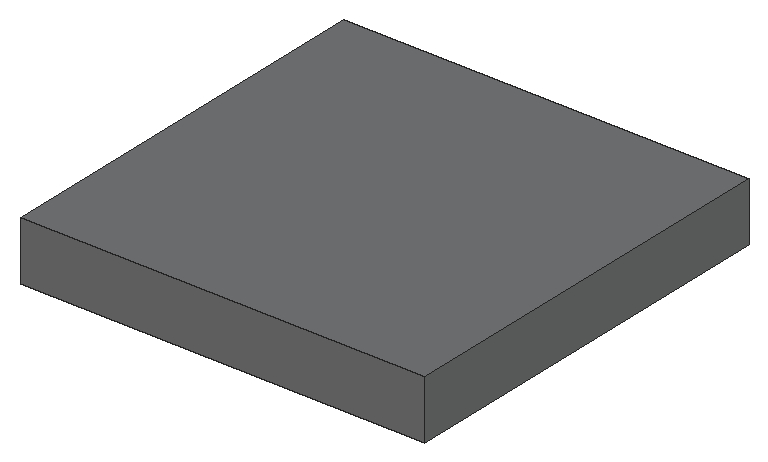
Revit family "Gira_027201", category Electrical Fixtures, host Face, Revit 2017
Family settings
  Host = Face
  Maintain Annotation Orientation = No
  Round Connector Dimension = Use Diameter
  Part Type = Normal
  Cut with Voids When Loaded = No
  Shared = No
  Room Calculation Point = No
Parameters (values of type "Cov. sup.ring devices Ø 22.5 mm System 55 cr.white")
  With strain relief = "No"
  With imprint = "No"
  With hinged lid = "No"
  With dust cover = "No"
  Utilization = "Other"
  URL = "http://katalog.gira.de/en/datenblatt.html?artikelnr=027201"
  Type of fastening = "Mounting with screw"
  Transparent = "No"
  Surface protection = "Other"
  Surface finishing = "Glossy"
  Support ring = "Yes"
  Suitable for degree of protection (IP) = "IP20"
  RAL-number (akin) = "1013"
  Name = "Cov. sup.ring devices Ø 22.5 mm System 55 cr.white"
  Mounting method = "Flush mounted (plaster)"
  Material quality = "Thermoplastic"
  Material = "Plastic"
  Manufacturer URL = "https://www.gira.de/"
  Manufacturer = "Gira"
  Luster terminal = "No"
  Keynote = ""
  Imprintable label = "Without indication field"
  HeinzeBIM = "https://bimportal.heinze.de/bim/cov-sup-ring-devices-22-5-mm-system-55-cr-white/8fb88aefdbb47ff2dddddfaebac642137427f0a4"
  Halogen free = "Yes"
  HAN = "027201"
  GTIN = "4010337272014"
  Description = "Cov.sup.r.devices D22.5mm Sys55 CW,Cover plate with support ring for the insertion of command and signal devices (diameter  22.5 mm),,cream white glossy,Notes :,- For screw mounting only.,- For push buttons, slam buttons, key buttons, non-latching buttons, illuminated buttons, and mushroom buttons, selector switches, and signal lights, e.g. from Lumitas, Rafi, Elan, or Fanal."
  Default Elevation = 1219.2 mm
  Data sheet (1) = "https://katalog.gira.de/en/download.html?artikelnr=027201"
  Colour = "Cream white (electro white)"
  Category = "Insert/cover for communication technology"
  BIM (1) = "https://media.stage.bim.site/public/gira/36a6b08/Sys55_Abdeckung_Schalten und Tasten.rfa?public/gira/36a6b08/Sys55_Abdeckung_Schalten und Tasten.rfa"
  Available = "No"
  Assembly arrangement = "Central cover plate"
  Anthrazit [instance] = Anthrazit
Reference planes
  plane 1 "Center (Front/Back)": y = 0
  plane 2: z = 0
  plane 3 "Center (Left/Right)": x = 0
Forms (mm)
  Extrusion 1, solid, material "Anthrazit" <- "Anthrazit", detail levels fine
    sketch origin (0, 0, 0) x (1, 0, 0) y (0, 1, 0)
      loop
        line (-27.5, 27.5) -> (-27.5, -27.5) -> (27.5, -27.5) -> (27.5, 27.5) -> (-27.5, 27.5)
    from 0 to 8
  Extrusion 2, void
    sketch origin (0, 0, 0) x (1, 0, 0) y (0, 1, 0)
      loop
        line (26, 26) -> (-26, 26) -> (-26, -26) -> (26, -26) -> (26, 26)
    from 0 to 6
  Extrusion 3, solid, material "Anthrazit" <- "Anthrazit", detail levels medium
    sketch origin (0, 0, 0) x (1, 0, 0) y (0, 1, 0)
      loop
        line (-27.5, 27.5) -> (-27.5, -27.5) -> (27.5, -27.5) -> (27.5, 27.5) -> (-27.5, 27.5)
    from 0 to 8
  Extrusion 4, solid, material "Anthrazit" <- "Anthrazit", detail levels medium
    sketch origin (0, 0, 0) x (1, 0, 0) y (0, 1, 0)
      loop
        line (11, -17.5) -> (11, 17.5) -> (-11, 17.5) -> (-11, -17.5) -> (11, -17.5)
    from -6 to 6
  Extrusion 5, solid, material "Anthrazit" <- "Anthrazit", detail levels fine
    sketch origin (0, 0, 0) x (1, 0, 0) y (0, 1, 0)
      loop
        line (11, 17.5) -> (-11, 17.5) -> (-11, 16.5) -> (11, 16.5) -> (11, 17.5)
      loop
        line (-11, -16.5) -> (-11, -17.5) -> (11, -17.5) -> (11, -16.5) -> (-11, -16.5)
    from -4 to 6
  Extrusion 6, solid, material "Anthrazit" <- "Anthrazit", detail levels fine
    sketch origin (0, 0, 0) x (1, 0, 0) y (0, 1, 0)
      loop
        arc (5, 9.347) -> (0, 10.6) -> (-5, 9.347) r 10.6
        line (-5, 9.347) -> (-5, -9.347)
        arc (-5, -9.347) -> (0, -10.6) -> (5, -9.347) r 10.6
        line (5, -9.347) -> (5, 9.347)
    from -6 to 6
  Extrusion 7, solid, material "Anthrazit" <- "Anthrazit", detail levels coarse
    sketch origin (0, 0, 0) x (1, 0, 0) y (0, 1, 0)
      loop
        line (-27.5, 27.5) -> (-27.5, -27.5) -> (27.5, -27.5) -> (27.5, 27.5) -> (-27.5, 27.5)
    from -6 to 8
Cuts and joins
  Extrusion 2 cuts Extrusion 1
Dimensions and locks
  aligned and locked: plane 2 to host face
  aligned and locked: level to host face
